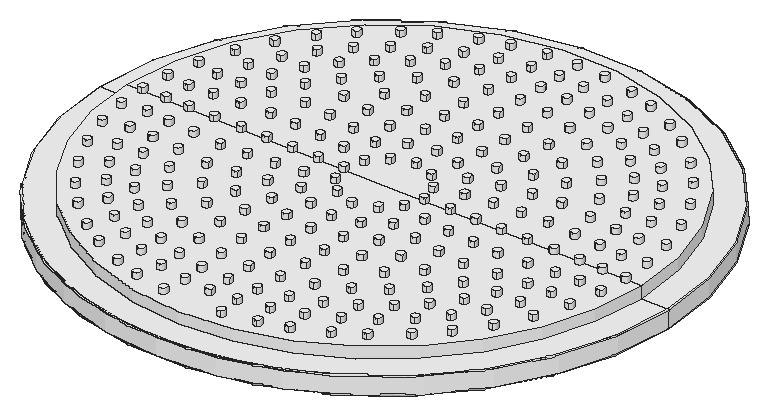
Revit family "Reece_Shower_GROHE_Rainshower_Overhead Shower_310 mm", category Plumbing Fixtures, host Face, Revit 2018
Family settings
  Host = Face
  Round Connector Dimension = Use Diameter
  Part Type = Normal
  Cut with Voids When Loaded = No
  Shared = Yes
  Room Calculation Point = Yes
Parameters (values of type "Chrome")
  WFU = 0  # constant formula
  URL = "https://www.reece.com.au/product/-9506719"
  Type Comments = "Shower"
  Reece_Shower_Inlet = 12 mm  # constant formula
  Reece_Product_Web Page = "https://www.reece.com.au/product/-9506719"
  Reece_Product_Type = "Shower"  # constant formula
  Reece_Product_Sub Brand = "Rainshower"  # constant formula
  Reece_Product_Number = "9506719"
  Reece_Product_Mount = "Ceiling Mounted"
  Reece_Product_Description = "GROHE Rainshower Cosmopolitan 1 Spray Overhead Shower 310mm Chrome (3 Star)"
  Reece_Product_Brand = "GROHE"  # constant formula
  Reece_Overall_Height = 51 mm  # constant formula
  Reece_Overall-Diameter = 310 mm  # constant formula
  Reece_Material_Main [instance] = Reece_Brass_Chrome
  Reece_Detail_Disclaimer = "THIS FILE IS THE PROPERTY OF THE REECE GROUP. IT MAY NOT BE REPRODUCED, REVERSE-ENGINEERED OR MODIFIED. ANY REPUBLICATION, TRANSMISSION OR DISTRIBUTION FOR THE PURPOSE OF COMMERCIALLY EXPLOITING THE FILES IS PROHIBITED."  # constant formula
  Reece_Detail_Additional = "Overhead Shower"  # constant formula
  Model = "Rainshower"
  Manufacturer = "GROHE"
  Keynote = "Product #9506719, Reece_Shower_GROHE_Rainshower_Overhead Shower_310 mm - Chrome"
  HWFU = 0  # constant formula
  Disclaimer = "THIS FILE IS THE PROPERTY OF THE REECE GROUP. IT MAY NOT BE REPRODUCED, REVERSE-ENGINEERED OR MODIFIED. ANY REPUBLICATION, TRANSMISSION OR DISTRIBUTION FOR THE PURPOSE OF COMMERCIALLY EXPLOITING THE FILES IS PROHIBITED."  # constant formula
  Description = "GROHE Rainshower Cosmopolitan 1 Spray Overhead Shower 310mm Chrome (3 Star)"
  Default Elevation = 0 mm
  CWFU = 0  # constant formula
Reference planes
  plane 1 "Center (Front/Back)": y = 0
  plane 2: z = 0
  plane 3 "Center (Left/Right)": x = 0
  plane 4: y = 155
  plane 5: y = -155
  plane 6: z = 51
  plane 7: z = 48.4
  plane 8: x = -155
  plane 9: x = 155
  plane 10: x = -140
  plane 11: x = 140
  plane 12: z = 42.4
  plane 13: z = 32.6
Forms (mm)
  Revolve 1, solid, material "Reece_Brass_Chrome" <- "Reece_Material_Main"
    sketch origin (0, 0, -187) x (1, 0, 0) y (0, 0, 1)
      loop
        line (140, 229.4) -> (140, 235.4) -> (0, 235.4) -> (0, 187) -> (7.5, 187) -> (7.5, 194.505) -> (9.5, 194.505) -> (9.5, 187) -> (13.3, 187) -> (13.3, 194.519)
        arc (13.3, 194.519) -> (13.132, 195.053) -> (12.689, 195.395) r 0.934
        arc (12.689, 195.395) -> (11.827, 196.061) -> (11.5, 197.1) r 1.817
        line (11.5, 197.1) -> (11.5, 198.1)
        arc (11.5, 198.1) -> (11.577, 198.622) -> (11.8, 199.1) r 1.817
        arc (11.8, 199.1) -> (12.496, 200.252) -> (13, 201.5) r 8.461
        line (13, 201.5) -> (19, 201.5)
        arc (19, 201.5) -> (20.835, 203.513) -> (21.5, 206.155) r 5.584
        line (21.5, 206.155) -> (21.5, 208.8) -> (18, 208.8) -> (18, 209.6) -> (21.3, 209.6) -> (23, 211.3) -> (23, 219.6) -> (154.5, 219.6)
        arc (154.5, 219.6) -> (154.854, 219.746) -> (155, 220.1) r 0.5
        line (155, 220.1) -> (155, 228.9)
        arc (155, 228.9) -> (154.854, 229.254) -> (154.5, 229.4) r 0.5
        line (154.5, 229.4) -> (140, 229.4)
      axis (0, 235.4) -> (0, 187)
    angle from 0 to 360
  Extrusion 2, solid, material "Reece_Brass_Chrome" <- "Reece_Material_Main", detail levels fine
    sketch origin (2.068, -0.55, -4) x (0.866025, -0.5, 0) y (0.5, 0.866025, 0)
      loop
        circle (9.236, 17.47) r 2
      loop
        circle (-1.292, 20.706) r 2
      loop
        circle (19.65, 27.744) r 2
      loop
        circle (7.167, 33.9) r 2
      loop
        circle (-6.723, 34.811) r 2
      loop
        circle (31.171, 36.357) r 2
      loop
        circle (18.138, 44.821) r 2
      loop
        circle (3.126, 48.844) r 2
      loop
        circle (-12.394, 48.03) r 2
      loop
        circle (42.957, 44.466) r 2
      loop
        circle (29.77, 54.585) r 2
      loop
        circle (14.413, 60.946) r 2
      loop
        circle (-2.066, 63.116) r 2
      loop
        circle (-18.546, 60.946) r 2
      loop
        circle (54.752, 52.149) r 2
      loop
        circle (41.607, 63.465) r 2
      loop
        circle (26.275, 71.575) r 2
      loop
        circle (9.522, 76.064) r 2
      loop
        circle (-7.81, 76.73) r 2
      loop
        circle (-24.854, 73.517) r 2
      loop
        circle (68.722, 58.841) r 2
      loop
        circle (57.332, 70.231) r 2
      loop
        circle (44.137, 79.47) r 2
      loop
        circle (29.539, 86.277) r 2
      loop
        circle (13.98, 90.446) r 2
      loop
        circle (-2.066, 91.85) r 2
      loop
        circle (-18.113, 90.446) r 2
      loop
        circle (-33.671, 86.277) r 2
      loop
        circle (81.577, 65.216) r 2
      loop
        circle (71.368, 76.448) r 2
      loop
        circle (59.468, 85.58) r 2
      loop
        circle (46.704, 94.015) r 2
      loop
        circle (32.752, 99.992) r 2
      loop
        circle (18.091, 103.92) r 2
      loop
        circle (3.02, 105.728) r 2
      loop
        circle (-12.154, 105.37) r 2
      loop
        circle (-27.123, 102.857) r 2
      loop
        circle (-41.583, 98.24) r 2
      loop
        circle (92.91, 70.693) r 2
      loop
        circle (82.525, 82.534) r 2
      loop
        circle (70.684, 92.919) r 2
      loop
        circle (57.588, 101.669) r 2
      loop
        circle (43.462, 108.635) r 2
      loop
        circle (28.548, 113.698) r 2
      loop
        circle (13.101, 116.771) r 2
      loop
        circle (-2.615, 117.801) r 2
      loop
        circle (-18.332, 116.771) r 2
      loop
        circle (-33.779, 113.698) r 2
      loop
        circle (-48.693, 108.635) r 2
      loop
        circle (-23.329, -1.331) r 2
      loop
        circle (-20.868, 9.404) r 2
      loop
        circle (-37.434, -5.214) r 2
      loop
        circle (-36.524, 8.675) r 2
      loop
        circle (-30.368, 21.159) r 2
      loop
        circle (-50.654, -10.885) r 2
      loop
        circle (-51.467, 4.635) r 2
      loop
        circle (-47.445, 19.646) r 2
      loop
        circle (-38.981, 32.68) r 2
      loop
        circle (-63.57, -17.037) r 2
      loop
        circle (-65.739, -0.557) r 2
      loop
        circle (-63.57, 15.922) r 2
      loop
        circle (-57.209, 31.279) r 2
      loop
        circle (-47.09, 44.466) r 2
      loop
        circle (-76.12, -23.41) r 2
      loop
        circle (-79.348, -6.368) r 2
      loop
        circle (-78.705, 10.965) r 2
      loop
        circle (-74.216, 27.718) r 2
      loop
        circle (-66.127, 43.06) r 2
      loop
        circle (-54.822, 56.215) r 2
      loop
        circle (-88.901, -32.162) r 2
      loop
        circle (-93.07, -16.604) r 2
      loop
        circle (-94.473, -0.557) r 2
      loop
        circle (-93.07, 15.489) r 2
      loop
        circle (-88.901, 31.048) r 2
      loop
        circle (-82.093, 45.646) r 2
      loop
        circle (-72.854, 58.841) r 2
      loop
        circle (-61.464, 70.231) r 2
      loop
        circle (-100.85, -40.108) r 2
      loop
        circle (-105.472, -25.65) r 2
      loop
        circle (-107.43, -10.779) r 2
      loop
        circle (-108.354, 4.492) r 2
      loop
        circle (-106.554, 19.564) r 2
      loop
        circle (-102.625, 34.225) r 2
      loop
        circle (-96.656, 48.18) r 2
      loop
        circle (-88.759, 61.143) r 2
      loop
        circle (-79.098, 72.85) r 2
      loop
        circle (-67.869, 83.063) r 2
      loop
        circle (-111.259, -47.184) r 2
      loop
        circle (-116.322, -32.27) r 2
      loop
        circle (-119.394, -16.823) r 2
      loop
        circle (-120.424, -1.106) r 2
      loop
        circle (-119.394, 14.61) r 2
      loop
        circle (-116.322, 30.057) r 2
      loop
        circle (-111.259, 44.971) r 2
      loop
        circle (-104.293, 59.097) r 2
      loop
        circle (-95.543, 72.193) r 2
      loop
        circle (-85.158, 84.034) r 2
      loop
        circle (-73.316, 94.419) r 2
      loop
        circle (19.197, 0.217) r 2
      loop
        circle (16.735, -10.518) r 2
      loop
        circle (33.302, 4.099) r 2
      loop
        circle (32.391, -9.79) r 2
      loop
        circle (26.235, -22.274) r 2
      loop
        circle (46.521, 9.77) r 2
      loop
        circle (47.335, -5.75) r 2
      loop
        circle (43.312, -20.761) r 2
      loop
        circle (34.848, -33.795) r 2
      loop
        circle (59.437, 15.922) r 2
      loop
        circle (61.607, -0.557) r 2
      loop
        circle (59.437, -17.037) r 2
      loop
        circle (53.076, -32.394) r 2
      loop
        circle (42.957, -45.581) r 2
      loop
        circle (71.988, 22.295) r 2
      loop
        circle (75.216, 5.253) r 2
      loop
        circle (74.572, -12.079) r 2
      loop
        circle (70.083, -28.833) r 2
      loop
        circle (61.994, -44.175) r 2
      loop
        circle (50.69, -57.329) r 2
      loop
        circle (84.768, 31.048) r 2
      loop
        circle (88.937, 15.489) r 2
      loop
        circle (90.341, -0.557) r 2
      loop
        circle (88.937, -16.604) r 2
      loop
        circle (84.768, -32.162) r 2
      loop
        circle (77.961, -46.761) r 2
      loop
        circle (68.722, -59.956) r 2
      loop
        circle (57.332, -71.345) r 2
      loop
        circle (96.717, 38.993) r 2
      loop
        circle (101.34, 24.536) r 2
      loop
        circle (103.298, 9.664) r 2
      loop
        circle (104.221, -5.607) r 2
      loop
        circle (102.421, -20.678) r 2
      loop
        circle (98.493, -35.34) r 2
      loop
        circle (92.523, -49.295) r 2
      loop
        circle (84.626, -62.258) r 2
      loop
        circle (74.965, -73.965) r 2
      loop
        circle (63.737, -84.178) r 2
      loop
        circle (107.126, 46.069) r 2
      loop
        circle (112.189, 31.155) r 2
      loop
        circle (115.262, 15.708) r 2
      loop
        circle (116.292, -0.008) r 2
      loop
        circle (115.262, -15.725) r 2
      loop
        circle (112.189, -31.172) r 2
      loop
        circle (107.126, -46.086) r 2
      loop
        circle (100.16, -60.212) r 2
      loop
        circle (91.41, -73.308) r 2
      loop
        circle (81.025, -85.149) r 2
      loop
        circle (69.184, -95.534) r 2
      loop
        circle (-13.368, -18.585) r 2
      loop
        circle (-2.84, -21.82) r 2
      loop
        circle (-23.783, -28.859) r 2
      loop
        circle (-11.299, -35.015) r 2
      loop
        circle (2.59, -35.925) r 2
      loop
        circle (-35.304, -37.472) r 2
      loop
        circle (-22.27, -45.936) r 2
      loop
        circle (-7.259, -49.958) r 2
      loop
        circle (8.261, -49.145) r 2
      loop
        circle (-47.09, -45.581) r 2
      loop
        circle (-33.903, -55.7) r 2
      loop
        circle (-18.546, -62.061) r 2
      loop
        circle (-2.066, -64.23) r 2
      loop
        circle (14.413, -62.061) r 2
      loop
        circle (-58.884, -53.264) r 2
      loop
        circle (-45.74, -64.58) r 2
      loop
        circle (-30.407, -72.689) r 2
      loop
        circle (-13.654, -77.178) r 2
      loop
        circle (3.677, -77.844) r 2
      loop
        circle (20.722, -74.631) r 2
      loop
        circle (-72.854, -59.956) r 2
      loop
        circle (-61.464, -71.345) r 2
      loop
        circle (-48.27, -80.584) r 2
      loop
        circle (-33.671, -87.392) r 2
      loop
        circle (-18.113, -91.561) r 2
      loop
        circle (-2.066, -92.964) r 2
      loop
        circle (13.98, -91.561) r 2
      loop
        circle (29.539, -87.392) r 2
      loop
        circle (-85.71, -66.331) r 2
      loop
        circle (-75.501, -77.563) r 2
      loop
        circle (-63.6, -86.695) r 2
      loop
        circle (-50.837, -95.13) r 2
      loop
        circle (-36.885, -101.107) r 2
      loop
        circle (-22.223, -105.035) r 2
      loop
        circle (-7.153, -106.843) r 2
      loop
        circle (8.021, -106.485) r 2
      loop
        circle (22.991, -103.972) r 2
      loop
        circle (37.45, -99.355) r 2
      loop
        circle (-97.043, -71.808) r 2
      loop
        circle (-86.658, -83.649) r 2
      loop
        circle (-74.816, -94.034) r 2
      loop
        circle (-61.721, -102.784) r 2
      loop
        circle (-47.595, -109.75) r 2
      loop
        circle (-32.681, -114.813) r 2
      loop
        circle (-17.234, -117.885) r 2
      loop
        circle (-1.517, -118.915) r 2
      loop
        circle (14.199, -117.885) r 2
      loop
        circle (29.646, -114.813) r 2
      loop
        circle (44.561, -109.75) r 2
      loop
        circle (16.979, 10.313) r 2
      loop
        circle (29.103, 17.313) r 2
      loop
        circle (41.227, 24.313) r 2
      loop
        circle (53.352, 31.313) r 2
      loop
        circle (65.476, 38.313) r 2
      loop
        circle (-21.003, -11.616) r 2
      loop
        circle (-33.127, -18.616) r 2
      loop
        circle (-45.252, -25.616) r 2
      loop
        circle (-57.376, -32.616) r 2
      loop
        circle (-69.5, -39.616) r 2
      loop
        circle (-82.11, -46.775) r 2
      loop
        circle (-94.226, -53.79) r 2
      loop
        circle (-105.043, -60.054) r 2
      loop
        circle (77.981, 45.654) r 2
      loop
        circle (90.114, 52.639) r 2
      loop
        circle (100.948, 58.874) r 2
      loop
        circle (-13.125, 18.379) r 2
      loop
        circle (-20.125, 30.504) r 2
      loop
        circle (-27.125, 42.628) r 2
      loop
        circle (-34.125, 54.752) r 2
      loop
        circle (-41.125, 66.877) r 2
      loop
        circle (-48.187, 79.542) r 2
      loop
        circle (-55.187, 91.667) r 2
      loop
        circle (-61.437, 102.492) r 2
      loop
        circle (8.804, -19.602) r 2
      loop
        circle (15.804, -31.727) r 2
      loop
        circle (22.804, -43.851) r 2
      loop
        circle (29.804, -55.975) r 2
      loop
        circle (36.804, -68.1) r 2
      loop
        circle (44.242, -80.549) r 2
      loop
        circle (51.242, -92.673) r 2
      loop
        circle (57.492, -103.498) r 2
      loop
        circle (-67.687, 113.317) r 2
      loop
        circle (-80.991, 104.649) r 2
      loop
        circle (-104.116, 82.409) r 2
      loop
        circle (-94.229, 93.27) r 2
      loop
        circle (-114.507, 67.668) r 2
      loop
        circle (-121.815, 53.829) r 2
      loop
        circle (-128.3, 36.15) r 2
      loop
        circle (-132.089, 19.23) r 2
      loop
        circle (-133.579, 0.833) r 2
      loop
        circle (-132.472, -17.642) r 2
      loop
        circle (-128.783, -35.776) r 2
      loop
        circle (-115.947, -66.35) r 2
      loop
        circle (-123.02, -52.207) r 2
      loop
        circle (-53.716, 120.397) r 2
      loop
        circle (-22.893, 129.303) r 2
      loop
        circle (-37.241, 126.172) r 2
      loop
        circle (-4.931, 130.932) r 2
      loop
        circle (10.708, 130.341) r 2
      loop
        circle (29.261, 127.118) r 2
      loop
        circle (45.808, 121.94) r 2
      loop
        circle (62.486, 114.031) r 2
      loop
        circle (77.932, 103.835) r 2
      loop
        circle (91.792, 91.573) r 2
      loop
        circle (111.852, 65.17) r 2
      loop
        circle (103.14, 78.367) r 2
      loop
        circle (76.858, -105.764) r 2
      loop
        circle (99.983, -83.524) r 2
      loop
        circle (90.097, -94.384) r 2
      loop
        circle (110.374, -68.782) r 2
      loop
        circle (117.682, -54.943) r 2
      loop
        circle (124.167, -37.265) r 2
      loop
        circle (127.957, -20.345) r 2
      loop
        circle (129.446, -1.947) r 2
      loop
        circle (128.339, 16.527) r 2
      loop
        circle (124.651, 34.661) r 2
      loop
        circle (118.888, 51.092) r 2
      loop
        circle (49.583, -121.511) r 2
      loop
        circle (18.76, -130.418) r 2
      loop
        circle (33.109, -127.286) r 2
      loop
        circle (0.798, -132.046) r 2
      loop
        circle (-14.841, -131.456) r 2
      loop
        circle (-33.393, -128.233) r 2
      loop
        circle (-49.941, -123.054) r 2
      loop
        circle (-66.619, -115.146) r 2
      loop
        circle (-82.065, -104.95) r 2
      loop
        circle (-95.925, -92.688) r 2
      loop
        circle (-107.273, -79.482) r 2
    from 52.4 to 55
  Extrusion 3, void
    sketch origin (1.726, 0, 0) x (1, 0, 0) y (0, 1, 0)
      loop
        line (-10, 33.161) -> (-10, 21.656) -> (6.585, 21.656) -> (6.585, 33.161) -> (-10, 33.161)
    from 22.952 to 30.345
  Extrusion 4, void
    sketch origin (1.726, 0, 0) x (1, 0, 0) y (0, 1, 0)
      loop
        line (-9.473, -33.161) -> (6.021, -33.161) -> (6.021, -21.656) -> (-9.473, -21.656) -> (-9.473, -33.161)
    from 22.952 to 30.345
  Extrusion 5, void
    sketch origin (-0.531, -3.836, -8.452) x (1, 0, 0) y (0, 1, 0)
      loop
        line (-11.373, 27.282) -> (-11.373, 22.05) -> (12.434, 22.05) -> (12.434, 27.282) -> (-11.373, 27.282)
    from 22.952 to 26.839
  Extrusion 6, void
    sketch origin (-0.531, 3.836, -8.452) x (1, 0, 0) y (0, 1, 0)
      loop
        line (-11.373, -27.282) -> (12.434, -27.282) -> (12.434, -22.05) -> (-11.373, -22.05) -> (-11.373, -27.282)
    from 22.952 to 26.839
  Extrusion 7, void
    sketch origin (0, 0, 0) x (1, 0, 0) y (0, 0, 1)
      loop
        line (-5.7, 5.771) -> (-5.7, 0) -> (5.7, 0) -> (5.7, 5.79)
        arc (5.7, 5.79) -> (5.478, 6.423) -> (4.908, 6.778) r 1.012
        arc (4.908, 6.778) -> (-0.036, 7.302) -> (-4.972, 6.695) r 21.881
        arc (-4.972, 6.695) -> (-5.496, 6.36) -> (-5.7, 5.771) r 0.951
    from 10.272 to 21.037
  Extrusion 8, void
    sketch origin (0, 0, 0) x (1, 0, 0) y (0, 0, -1)
      loop
        arc (-5.7, -5.771) -> (-5.496, -6.36) -> (-4.972, -6.695) r 0.951
        arc (-4.972, -6.695) -> (-0.036, -7.302) -> (4.908, -6.778) r 21.881
        arc (4.908, -6.778) -> (5.478, -6.423) -> (5.7, -5.79) r 1.012
        line (5.7, -5.79) -> (5.7, 0) -> (-5.7, 0) -> (-5.7, -5.771)
    from 10.272 to 21.037
Cuts and joins
  Extrusion 3, Extrusion 4, Extrusion 5, Extrusion 6, Extrusion 7, Extrusion 8 cuts Revolve 1
Text (mm)
  text "Reece Copyright © 2018, Reece Ltd." at (-684.407, -223.434, 0), in view "Ref. Level"
  text "Reece ©" at (-376.822, 575.02, -217.389), in view "Reece_Preview"
Dimensions and locks
  equal spacing: plane 4, plane 1 "Center (Front/Back)", plane 5
  "Reece_Overall-Diameter": plane 4 to plane 5
  "Reece_Overall_Height": plane 6 to level
  "Reece_Overall-Diameter": plane 9 to plane 8
  aligned and locked: host face to plane 2
  aligned and locked: level to host face
Automatic sketch dimensions
  host sketch curve to host sketch curve = 444.296 mm
  host sketch curve to host sketch curve = 436.293 mm
  Extrusion 2 sketch curve to Extrusion 2 sketch curve = 0 mm  (x352)
  plane 10 to Extrusion 2 sketch curve = 26.802 mm
  Extrusion 2 sketch curve to plane 1 "Center (Front/Back)" = 66.96 mm
  Extrusion 2 sketch curve to Extrusion 2 sketch curve = 1.107 mm
  Extrusion 2 sketch curve to Extrusion 2 sketch curve = 1.49 mm
  Extrusion 2 sketch curve to Extrusion 2 sketch curve = 3.689 mm
  Extrusion 2 sketch curve to Extrusion 2 sketch curve = 3.789 mm
  Extrusion 2 sketch curve to Extrusion 2 sketch curve = 5.763 mm
  Extrusion 2 sketch curve to Extrusion 2 sketch curve = 6.485 mm
  Extrusion 2 sketch curve to Extrusion 2 sketch curve = 13.155 mm  (x2)
  Extrusion 2 sketch curve to Extrusion 2 sketch curve = 13.078 mm  (x2)
  Extrusion 2 sketch curve to Extrusion 2 sketch curve = 12.695 mm  (x2)
  Extrusion 2 sketch curve to Extrusion 2 sketch curve = 11.978 mm  (x2)
  Extrusion 2 sketch curve to Extrusion 2 sketch curve = 12.462 mm  (x2)
  Extrusion 2 sketch curve to Extrusion 2 sketch curve = 7.073 mm
  Extrusion 2 sketch curve to Extrusion 2 sketch curve = 7.308 mm
  Extrusion 2 sketch curve to Extrusion 2 sketch curve = 11.761 mm  (x4)
  Extrusion 2 sketch curve to Extrusion 2 sketch curve = 10.556 mm  (x2)
  Extrusion 2 sketch curve to Extrusion 2 sketch curve = 12.071 mm  (x2)
  Extrusion 2 sketch curve to Extrusion 2 sketch curve = 11.964 mm  (x2)
  Extrusion 2 sketch curve to Extrusion 2 sketch curve = 8.674 mm
  Extrusion 2 sketch curve to Extrusion 2 sketch curve = 12.841 mm  (x2)
  Extrusion 2 sketch curve to Extrusion 2 sketch curve = 10.849 mm  (x2)
  Extrusion 2 sketch curve to Extrusion 2 sketch curve = 10.904 mm  (x2)
  Extrusion 2 sketch curve to Extrusion 2 sketch curve = 10.214 mm  (x2)
  Extrusion 2 sketch curve to Extrusion 2 sketch curve = 10.391 mm
  Extrusion 2 sketch curve to Extrusion 2 sketch curve = 8.634 mm  (x2)
  Extrusion 2 sketch curve to Extrusion 2 sketch curve = 10.409 mm  (x2)
  Extrusion 2 sketch curve to Extrusion 2 sketch curve = 10.23 mm  (x4)
  Extrusion 2 sketch curve to Extrusion 2 sketch curve = 7.637 mm  (x2)
  Extrusion 2 sketch curve to Extrusion 2 sketch curve = 11.348 mm
  Extrusion 2 sketch curve to Extrusion 2 sketch curve = 8.573 mm  (x2)
  Extrusion 2 sketch curve to Extrusion 2 sketch curve = 13.88 mm  (x2)
  Extrusion 2 sketch curve to Extrusion 2 sketch curve = 9.886 mm
  Extrusion 2 sketch curve to Extrusion 2 sketch curve = 10.817 mm
  Extrusion 2 sketch curve to Extrusion 2 sketch curve = 13.484 mm  (x2)
  Extrusion 2 sketch curve to Extrusion 2 sketch curve = 12.403 mm
  Extrusion 2 sketch curve to Extrusion 2 sketch curve = 11.949 mm  (x2)
  Extrusion 2 sketch curve to Extrusion 2 sketch curve = 13.725 mm  (x2)
  Extrusion 2 sketch curve to Extrusion 2 sketch curve = 6.784 mm  (x2)
  Extrusion 2 sketch curve to Extrusion 2 sketch curve = 9.267 mm  (x2)
  Extrusion 2 sketch curve to Extrusion 2 sketch curve = 11.333 mm  (x2)
  Extrusion 2 sketch curve to Extrusion 2 sketch curve = 9.071 mm  (x2)
  Extrusion 2 sketch curve to Extrusion 2 sketch curve = 12.116 mm
  Extrusion 2 sketch curve to Extrusion 2 sketch curve = 14.562 mm  (x2)
  Extrusion 2 sketch curve to Extrusion 2 sketch curve = 13.86 mm
  Extrusion 2 sketch curve to Extrusion 2 sketch curve = 13.238 mm
  Extrusion 2 sketch curve to Extrusion 2 sketch curve = 15.125 mm
  Extrusion 2 sketch curve to Extrusion 2 sketch curve = 6.06 mm  (x2)
  Extrusion 2 sketch curve to Extrusion 2 sketch curve = 14.365 mm  (x2)
  Extrusion 2 sketch curve to Extrusion 2 sketch curve = 12.78 mm  (x2)
  Extrusion 2 sketch curve to Extrusion 2 sketch curve = 11.157 mm  (x2)
  Extrusion 2 sketch curve to Extrusion 2 sketch curve = 7.248 mm  (x2)
  Extrusion 2 sketch curve to Extrusion 2 sketch curve = 14.685 mm  (x2)
  Extrusion 2 sketch curve to Extrusion 2 sketch curve = 7.675 mm  (x4)
  Extrusion 2 sketch curve to Extrusion 2 sketch curve = 12.856 mm  (x2)
  Extrusion 2 sketch curve to Extrusion 2 sketch curve = 6.243 mm
  Extrusion 2 sketch curve to Extrusion 2 sketch curve = 12.61 mm
  Extrusion 2 sketch curve to Extrusion 2 sketch curve = 5.447 mm  (x2)
  Extrusion 2 sketch curve to Extrusion 2 sketch curve = 13.304 mm  (x3)
  Extrusion 2 sketch curve to Extrusion 2 sketch curve = 15.446 mm
  Extrusion 2 sketch curve to Extrusion 2 sketch curve = 15.966 mm
  Extrusion 2 sketch curve to Extrusion 2 sketch curve = 13.609 mm  (x2)
  Extrusion 2 sketch curve to Extrusion 2 sketch curve = 11.216 mm  (x2)
  Extrusion 2 sketch curve to Extrusion 2 sketch curve = 12.551 mm  (x2)
  Extrusion 2 sketch curve to Extrusion 2 sketch curve = 10.646 mm  (x2)
  Extrusion 2 sketch curve to Extrusion 2 sketch curve = 4.898 mm  (x2)
  Extrusion 2 sketch curve to Extrusion 2 sketch curve = 6.405 mm  (x2)
  Extrusion 2 sketch curve to Extrusion 2 sketch curve = 14.036 mm
  Extrusion 2 sketch curve to Extrusion 2 sketch curve = 6.25 mm  (x3)
  Extrusion 2 sketch curve to Extrusion 2 sketch curve = 13.97 mm  (x2)
  Extrusion 2 sketch curve to Extrusion 2 sketch curve = 12.124 mm  (x16)
  Extrusion 2 sketch curve to Extrusion 2 sketch curve = 8.918 mm  (x2)
  Extrusion 2 sketch curve to Extrusion 2 sketch curve = 6.642 mm  (x2)
  Extrusion 2 sketch curve to Extrusion 2 sketch curve = 13.971 mm
  Extrusion 2 sketch curve to Extrusion 2 sketch curve = 14.272 mm  (x4)
  Extrusion 2 sketch curve to Extrusion 2 sketch curve = 10.884 mm  (x2)
  Extrusion 2 sketch curve to Extrusion 2 sketch curve = 12.916 mm  (x4)
  Extrusion 2 sketch curve to Extrusion 2 sketch curve = 16.678 mm
  Extrusion 2 sketch curve to Extrusion 2 sketch curve = 5.022 mm  (x4)
  Extrusion 2 sketch curve to Extrusion 2 sketch curve = 2.567 mm  (x2)
  Extrusion 2 sketch curve to Extrusion 2 sketch curve = 7 mm  (x14)
  Extrusion 2 sketch curve to Extrusion 2 sketch curve = 2.346 mm  (x2)
  Extrusion 2 sketch curve to Extrusion 2 sketch curve = 9.764 mm  (x4)
  Extrusion 2 sketch curve to Extrusion 2 sketch curve = 11.794 mm  (x2)
  Extrusion 2 sketch curve to Extrusion 2 sketch curve = 7.732 mm  (x2)
  Extrusion 2 sketch curve to Extrusion 2 sketch curve = 2.53 mm
  Extrusion 2 sketch curve to Extrusion 2 sketch curve = 7.111 mm  (x2)
  Extrusion 2 sketch curve to Extrusion 2 sketch curve = 7.062 mm
  Extrusion 2 sketch curve to Extrusion 2 sketch curve = 8.109 mm  (x4)
  Extrusion 2 sketch curve to Extrusion 2 sketch curve = 13.22 mm  (x4)
  Extrusion 2 sketch curve to Extrusion 2 sketch curve = 16.474 mm
  Extrusion 2 sketch curve to Extrusion 2 sketch curve = 10.71 mm  (x2)
  Extrusion 2 sketch curve to Extrusion 2 sketch curve = 0.91 mm  (x2)
  Extrusion 2 sketch curve to Extrusion 2 sketch curve = 11.786 mm  (x4)
  Extrusion 2 sketch curve to Extrusion 2 sketch curve = 11.837 mm  (x2)
  Extrusion 2 sketch curve to Extrusion 2 sketch curve = 3.462 mm  (x2)
  Extrusion 2 sketch curve to Extrusion 2 sketch curve = 3.213 mm  (x2)
  Extrusion 2 sketch curve to Extrusion 2 sketch curve = 7.911 mm  (x2)
  Extrusion 2 sketch curve to Extrusion 2 sketch curve = 16.548 mm
  Extrusion 2 sketch curve to Extrusion 2 sketch curve = 0.712 mm  (x2)
  Extrusion 2 sketch curve to Extrusion 2 sketch curve = 3.264 mm  (x2)
  Extrusion 2 sketch curve to Extrusion 2 sketch curve = 6.156 mm  (x4)
  Extrusion 2 sketch curve to Extrusion 2 sketch curve = 6.656 mm  (x2)
  Extrusion 2 sketch curve to Extrusion 2 sketch curve = 8.817 mm  (x2)
  Extrusion 2 sketch curve to Extrusion 2 sketch curve = 9.345 mm  (x2)
  Extrusion 2 sketch curve to Extrusion 2 sketch curve = 14.105 mm
  Extrusion 2 sketch curve to Extrusion 2 sketch curve = 14.348 mm
  Extrusion 2 sketch curve to Extrusion 2 sketch curve = 11.633 mm  (x4)
  Extrusion 2 sketch curve to Extrusion 2 sketch curve = 10.458 mm  (x2)
  Extrusion 2 sketch curve to Extrusion 2 sketch curve = 2.326 mm
  Extrusion 2 sketch curve to Extrusion 2 sketch curve = 2.462 mm
  Extrusion 2 sketch curve to Extrusion 2 sketch curve = 10.243 mm  (x2)
  Extrusion 2 sketch curve to Extrusion 2 sketch curve = 11.861 mm  (x2)
  Extrusion 2 sketch curve to Extrusion 2 sketch curve = 6.308 mm  (x2)
  Extrusion 2 sketch curve to Extrusion 2 sketch curve = 4.562 mm  (x2)
  Extrusion 2 sketch curve to Extrusion 2 sketch curve = 4.111 mm
  Extrusion 2 sketch curve to Extrusion 2 sketch curve = 9.011 mm
  Extrusion 2 sketch curve to Extrusion 2 sketch curve = 4.99 mm  (x2)
  Extrusion 2 sketch curve to Extrusion 2 sketch curve = 2.393 mm  (x2)
  Extrusion 2 sketch curve to Extrusion 2 sketch curve = 4.458 mm  (x2)
  Extrusion 2 sketch curve to Extrusion 2 sketch curve = 7.635 mm
  Extrusion 2 sketch curve to Extrusion 2 sketch curve = 7.743 mm  (x2)
  Extrusion 2 sketch curve to Extrusion 2 sketch curve = 6.152 mm  (x4)
  Extrusion 2 sketch curve to Extrusion 2 sketch curve = 6.178 mm  (x2)
  Extrusion 2 sketch curve to Extrusion 2 sketch curve = 12.484 mm  (x4)
  Extrusion 2 sketch curve to Extrusion 2 sketch curve = 10.303 mm
  Extrusion 2 sketch curve to Extrusion 2 sketch curve = 4.041 mm  (x2)
  Extrusion 2 sketch curve to Extrusion 2 sketch curve = 10.081 mm
  Extrusion 2 sketch curve to Extrusion 2 sketch curve = 13.402 mm
  Extrusion 2 sketch curve to Extrusion 2 sketch curve = 17.962 mm
  Extrusion 2 sketch curve to Extrusion 2 sketch curve = 10.528 mm  (x2)
  Extrusion 2 sketch curve to Extrusion 2 sketch curve = 2.315 mm  (x2)
  Extrusion 2 sketch curve to Extrusion 2 sketch curve = 5.087 mm
  Extrusion 2 sketch curve to Extrusion 2 sketch curve = 5.192 mm  (x4)
  Extrusion 2 sketch curve to Extrusion 2 sketch curve = 16.046 mm
  Extrusion 2 sketch curve to Extrusion 2 sketch curve = 5.743 mm  (x2)
  Extrusion 2 sketch curve to Extrusion 2 sketch curve = 5.636 mm  (x2)
  Extrusion 2 sketch curve to Extrusion 2 sketch curve = 11.832 mm
  Extrusion 2 sketch curve to Extrusion 2 sketch curve = 13.889 mm  (x4)
  Extrusion 2 sketch curve to Extrusion 2 sketch curve = 15.174 mm
  Extrusion 2 sketch curve to Extrusion 2 sketch curve = 5.671 mm  (x3)
  Extrusion 2 sketch curve to Extrusion 2 sketch curve = 11.645 mm
  Extrusion 2 sketch curve to Extrusion 2 sketch curve = 17.331 mm
  Extrusion 2 sketch curve to Extrusion 2 sketch curve = 15.639 mm
  Extrusion 2 sketch curve to Extrusion 2 sketch curve = 5.959 mm
  Extrusion 2 sketch curve to Extrusion 2 sketch curve = 4.892 mm
  Extrusion 2 sketch curve to Extrusion 2 sketch curve = 13.214 mm  (x2)
  Extrusion 2 sketch curve to Extrusion 2 sketch curve = 7.931 mm
  Extrusion 2 sketch curve to Extrusion 2 sketch curve = 10.971 mm  (x3)
  Extrusion 2 sketch curve to Extrusion 2 sketch curve = 2.218 mm
  Extrusion 2 sketch curve to Extrusion 2 sketch curve = 14.969 mm
  Extrusion 2 sketch curve to Extrusion 2 sketch curve = 10.431 mm  (x2)
  Extrusion 2 sketch curve to Extrusion 2 sketch curve = 11.521 mm  (x3)
  Extrusion 2 sketch curve to Extrusion 2 sketch curve = 4.199 mm  (x2)
  Extrusion 2 sketch curve to Extrusion 2 sketch curve = 8.613 mm  (x3)
  Extrusion 2 sketch curve to Extrusion 2 sketch curve = 10.921 mm  (x3)
  Extrusion 2 sketch curve to Extrusion 2 sketch curve = 14.598 mm  (x3)
  Extrusion 2 sketch curve to Extrusion 2 sketch curve = 7.438 mm
  Extrusion 2 sketch curve to Extrusion 2 sketch curve = 14.943 mm  (x3)
  Extrusion 2 sketch curve to Extrusion 2 sketch curve = 13.195 mm  (x3)
  Extrusion 2 sketch curve to Extrusion 2 sketch curve = 12.103 mm
  Extrusion 2 sketch curve to Extrusion 2 sketch curve = 12.763 mm
  Extrusion 2 sketch curve to Extrusion 2 sketch curve = 11.39 mm  (x3)
  Extrusion 2 sketch curve to Extrusion 2 sketch curve = 11.9 mm
  Extrusion 2 sketch curve to Extrusion 2 sketch curve = 15.135 mm
  Extrusion 2 sketch curve to Extrusion 2 sketch curve = 11.228 mm
  Extrusion 2 sketch curve to Extrusion 2 sketch curve = 9.239 mm  (x3)
  Extrusion 2 sketch curve to Extrusion 2 sketch curve = 12.505 mm
  Extrusion 2 sketch curve to Extrusion 2 sketch curve = 9.661 mm
  Extrusion 2 sketch curve to Extrusion 2 sketch curve = 4.169 mm  (x3)
  Extrusion 2 sketch curve to Extrusion 2 sketch curve = 12.133 mm
  Extrusion 2 sketch curve to Extrusion 2 sketch curve = 1.404 mm  (x3)
  Extrusion 2 sketch curve to Extrusion 2 sketch curve = 10.834 mm
  Extrusion 2 sketch curve to Extrusion 2 sketch curve = 4.622 mm
  Extrusion 2 sketch curve to Extrusion 2 sketch curve = 1.958 mm
  Extrusion 2 sketch curve to Extrusion 2 sketch curve = 13.696 mm
  Extrusion 2 sketch curve to Extrusion 2 sketch curve = 0.616 mm
  Extrusion 2 sketch curve to Extrusion 2 sketch curve = 0.225 mm
  Extrusion 2 sketch curve to Extrusion 2 sketch curve = 0.549 mm
  Extrusion 2 sketch curve to Extrusion 2 sketch curve = 1.39 mm
  Extrusion 2 sketch curve to Extrusion 2 sketch curve = 1.939 mm  (x2)
  Extrusion 2 sketch curve to Extrusion 2 sketch curve = 0.774 mm
  Extrusion 2 sketch curve to Extrusion 2 sketch curve = 3.882 mm
  Extrusion 2 sketch curve to Extrusion 2 sketch curve = 5.599 mm  (x2)
  Extrusion 2 sketch curve to Extrusion 2 sketch curve = 5.811 mm  (x2)
  Extrusion 2 sketch curve to Extrusion 2 sketch curve = 10.735 mm  (x2)
  Extrusion 2 sketch curve to Extrusion 2 sketch curve = 9.672 mm
  Extrusion 2 sketch curve to Extrusion 2 sketch curve = 10.284 mm
  Extrusion 2 sketch curve to Extrusion 2 sketch curve = 11.522 mm
  Extrusion 2 sketch curve to Extrusion 2 sketch curve = 10.118 mm  (x2)
  Extrusion 2 sketch curve to Extrusion 2 sketch curve = 5.825 mm  (x2)
  Extrusion 2 sketch curve to Extrusion 2 sketch curve = 4.524 mm  (x2)
  Extrusion 2 sketch curve to Extrusion 2 sketch curve = 6.044 mm  (x2)
  Extrusion 2 sketch curve to Extrusion 2 sketch curve = 4.958 mm  (x2)
  Extrusion 2 sketch curve to Extrusion 2 sketch curve = 0.819 mm  (x2)
  Extrusion 2 sketch curve to Extrusion 2 sketch curve = 6.969 mm
  Extrusion 2 sketch curve to Extrusion 2 sketch curve = 9.084 mm
  Extrusion 2 sketch curve to Extrusion 2 sketch curve = 4.621 mm  (x2)
  Extrusion 2 sketch curve to Extrusion 2 sketch curve = 4.954 mm  (x2)
  Extrusion 2 sketch curve to Extrusion 2 sketch curve = 3.236 mm  (x2)
  Extrusion 2 sketch curve to Extrusion 2 sketch curve = 6.373 mm  (x2)
  Extrusion 2 sketch curve to Extrusion 2 sketch curve = 14.872 mm  (x2)
  Extrusion 2 sketch curve to Extrusion 2 sketch curve = 11.795 mm  (x2)
  Extrusion 2 sketch curve to Extrusion 2 sketch curve = 10.494 mm  (x2)
  Extrusion 2 sketch curve to Extrusion 2 sketch curve = 8.752 mm  (x2)
  Extrusion 2 sketch curve to Extrusion 2 sketch curve = 3.33 mm  (x2)
  Extrusion 2 sketch curve to Extrusion 2 sketch curve = 6.62 mm  (x2)
  Extrusion 2 sketch curve to Extrusion 2 sketch curve = 3.177 mm  (x2)
  Extrusion 2 sketch curve to Extrusion 2 sketch curve = 3.506 mm  (x2)
  Extrusion 2 sketch curve to Extrusion 2 sketch curve = 6.093 mm  (x2)
  Extrusion 2 sketch curve to Extrusion 2 sketch curve = 7.946 mm  (x2)
  Extrusion 2 sketch curve to Extrusion 2 sketch curve = 11.781 mm  (x2)
  Extrusion 2 sketch curve to Extrusion 2 sketch curve = 10.746 mm  (x2)
  Extrusion 2 sketch curve to Extrusion 2 sketch curve = 7.159 mm
  Extrusion 2 sketch curve to Extrusion 2 sketch curve = 7.076 mm  (x2)
  Extrusion 2 sketch curve to Extrusion 2 sketch curve = 2.534 mm  (x2)
  Extrusion 2 sketch curve to Extrusion 2 sketch curve = 7.683 mm  (x2)
  Extrusion 2 sketch curve to Extrusion 2 sketch curve = 7.015 mm
  Extrusion 2 sketch curve to Extrusion 2 sketch curve = 8.857 mm  (x2)
  Extrusion 2 sketch curve to Extrusion 2 sketch curve = 11.748 mm  (x2)
  Extrusion 2 sketch curve to Extrusion 2 sketch curve = 6.692 mm  (x2)
  Extrusion 2 sketch curve to Extrusion 2 sketch curve = 6.265 mm
  Extrusion 2 sketch curve to Extrusion 2 sketch curve = 10.917 mm  (x2)
  Extrusion 2 sketch curve to Extrusion 2 sketch curve = 16.125 mm  (x2)
  Extrusion 2 sketch curve to Extrusion 2 sketch curve = 12.963 mm  (x2)
  Extrusion 2 sketch curve to Extrusion 2 sketch curve = 8.88 mm  (x2)
  Extrusion 2 sketch curve to Extrusion 2 sketch curve = 6.376 mm  (x2)
  Extrusion 2 sketch curve to Extrusion 2 sketch curve = 6.296 mm  (x2)
  Extrusion 2 sketch curve to Extrusion 2 sketch curve = 8.571 mm  (x2)
  Extrusion 2 sketch curve to Extrusion 2 sketch curve = 14.016 mm  (x2)
  Extrusion 2 sketch curve to Extrusion 2 sketch curve = 5.476 mm  (x2)
  Extrusion 2 sketch curve to Extrusion 2 sketch curve = 10.629 mm  (x2)
  Extrusion 2 sketch curve to Extrusion 2 sketch curve = 11.05 mm  (x2)
  Extrusion 2 sketch curve to Extrusion 2 sketch curve = 11.707 mm  (x2)
  Extrusion 2 sketch curve to Extrusion 2 sketch curve = 12.571 mm  (x2)
  Extrusion 2 sketch curve to Extrusion 2 sketch curve = 15.118 mm  (x2)
  Extrusion 2 sketch curve to Extrusion 2 sketch curve = 11.232 mm  (x2)
  Extrusion 2 sketch curve to Extrusion 2 sketch curve = 13.614 mm  (x2)
  Extrusion 2 sketch curve to Extrusion 2 sketch curve = 12.449 mm
  Extrusion 2 sketch curve to Extrusion 2 sketch curve = 10.217 mm  (x2)
  Extrusion 2 sketch curve to Extrusion 2 sketch curve = 6.086 mm  (x2)
  Extrusion 2 sketch curve to Extrusion 2 sketch curve = 12.833 mm  (x2)
  Extrusion 2 sketch curve to Extrusion 2 sketch curve = 11.184 mm  (x2)
  Extrusion 2 sketch curve to Extrusion 2 sketch curve = 9.131 mm  (x2)
  Extrusion 2 sketch curve to Extrusion 2 sketch curve = 14.702 mm  (x2)
  Extrusion 2 sketch curve to Extrusion 2 sketch curve = 6.843 mm
  Extrusion 2 sketch curve to Extrusion 2 sketch curve = 14.382 mm  (x2)
  Extrusion 2 sketch curve to Extrusion 2 sketch curve = 9.039 mm  (x2)
  Extrusion 2 sketch curve to Extrusion 2 sketch curve = 7.339 mm  (x2)
  Extrusion 2 sketch curve to Extrusion 2 sketch curve = 9.235 mm  (x2)
  Extrusion 2 sketch curve to Extrusion 2 sketch curve = 14.545 mm  (x2)
  Extrusion 2 sketch curve to Extrusion 2 sketch curve = 11.356 mm  (x2)
  Extrusion 2 sketch curve to Extrusion 2 sketch curve = 6.682 mm
  Extrusion 2 sketch curve to Extrusion 2 sketch curve = 13.715 mm  (x2)
  Extrusion 2 sketch curve to Extrusion 2 sketch curve = 7.654 mm  (x2)
  Extrusion 2 sketch curve to Extrusion 2 sketch curve = 10.825 mm  (x3)
  Extrusion 2 sketch curve to Extrusion 2 sketch curve = 4.617 mm  (x2)
  Extrusion 2 sketch curve to Extrusion 2 sketch curve = 10.916 mm  (x2)
  Extrusion 2 sketch curve to Extrusion 2 sketch curve = 13.475 mm  (x2)
  Extrusion 2 sketch curve to Extrusion 2 sketch curve = 2.513 mm  (x2)
  Extrusion 2 sketch curve to Extrusion 2 sketch curve = 13.878 mm  (x2)
  Extrusion 2 sketch curve to Extrusion 2 sketch curve = 8.643 mm  (x2)
  Extrusion 2 sketch curve to Extrusion 2 sketch curve = 6.252 mm
  Extrusion 2 sketch curve to Extrusion 2 sketch curve = 9.778 mm  (x2)
  Extrusion 2 sketch curve to Extrusion 2 sketch curve = 10.84 mm  (x2)
  Extrusion 2 sketch curve to Extrusion 2 sketch curve = 12.362 mm  (x2)
  Extrusion 2 sketch curve to Extrusion 2 sketch curve = 12.85 mm  (x2)
  Extrusion 2 sketch curve to Extrusion 2 sketch curve = 11.4 mm  (x2)
  Extrusion 2 sketch curve to Extrusion 2 sketch curve = 12.073 mm  (x2)
  Extrusion 2 sketch curve to Extrusion 2 sketch curve = 12.474 mm  (x2)
  Extrusion 2 sketch curve to Extrusion 2 sketch curve = 13.42 mm  (x2)
  Extrusion 2 sketch curve to Extrusion 2 sketch curve = 12.533 mm  (x2)
  Extrusion 2 sketch curve to Extrusion 2 sketch curve = 13.57 mm  (x2)
  Extrusion 2 sketch curve to Extrusion 2 sketch curve = 13.131 mm  (x2)
  Extrusion 2 sketch curve to Extrusion 2 sketch curve = 15.271 mm
  Extrusion 2 sketch curve to Extrusion 2 sketch curve = 10.096 mm
  Extrusion 2 sketch curve to Extrusion 2 sketch curve = 17.333 mm
  Extrusion 2 sketch curve to Extrusion 2 sketch curve = 7.157 mm
  Extrusion 2 sketch curve to Extrusion 2 sketch curve = 8.975 mm
  Extrusion 2 sketch curve to Extrusion 2 sketch curve = 7.341 mm
  Extrusion 2 sketch curve to Extrusion 2 sketch curve = 6.985 mm
  Extrusion 2 sketch curve to Extrusion 2 sketch curve = 6.235 mm
  Extrusion 2 sketch curve to Extrusion 2 sketch curve = 12.666 mm
  Extrusion 2 sketch curve to Extrusion 2 sketch curve = 12.76 mm
  Extrusion 2 sketch curve to Extrusion 2 sketch curve = 11.963 mm
  Extrusion 2 sketch curve to Extrusion 2 sketch curve = 10.395 mm
  Extrusion 2 sketch curve to Extrusion 2 sketch curve = 1.733 mm  (x168)
  Extrusion 2 sketch curve to Extrusion 2 sketch curve = 0.002 mm  (x168)
  Extrusion 2 sketch curve to Extrusion 2 sketch curve = 1 mm  (x8)
  Extrusion 2 sketch curve to Extrusion 2 sketch curve = 2 mm  (x87)
  Extrusion 2 sketch curve to Extrusion 2 sketch curve = 0.998 mm  (x84)
  Extrusion 2 sketch curve to Extrusion 2 sketch curve = 1.732 mm  (x4)
  Extrusion 3 sketch curve to plane 3 "Center (Left/Right)" = 8.274 mm
  plane 3 "Center (Left/Right)" to Extrusion 3 sketch curve = 8.311 mm
  Extrusion 3 sketch curve to plane 1 "Center (Front/Back)" = 21.656 mm
  Extrusion 3 sketch curve to Extrusion 3 sketch curve = 11.505 mm
  Extrusion 4 sketch curve to plane 3 "Center (Left/Right)" = 7.747 mm
  plane 3 "Center (Left/Right)" to Extrusion 4 sketch curve = 7.747 mm
  plane 1 "Center (Front/Back)" to Extrusion 4 sketch curve = 33.161 mm
  Extrusion 4 sketch curve to Extrusion 4 sketch curve = 11.505 mm
  Extrusion 5 sketch curve to plane 3 "Center (Left/Right)" = 11.904 mm
  plane 3 "Center (Left/Right)" to Extrusion 5 sketch curve = 11.904 mm
  Extrusion 5 sketch curve to plane 1 "Center (Front/Back)" = 18.215 mm
  Extrusion 5 sketch curve to Extrusion 5 sketch curve = 5.231 mm
  Extrusion 6 sketch curve to plane 3 "Center (Left/Right)" = 11.904 mm
  plane 3 "Center (Left/Right)" to Extrusion 6 sketch curve = 11.904 mm
  plane 1 "Center (Front/Back)" to Extrusion 6 sketch curve = 23.446 mm
  Extrusion 6 sketch curve to Extrusion 6 sketch curve = 5.231 mm
  Extrusion 7 sketch curve to level = 0 mm
  Extrusion 7 sketch curve to plane 3 "Center (Left/Right)" = 5.7 mm
  Extrusion 7 sketch curve to Extrusion 7 sketch curve = 0.951 mm
  plane 3 "Center (Left/Right)" to Extrusion 7 sketch curve = 0.146 mm
  plane 3 "Center (Left/Right)" to Extrusion 7 sketch curve = 4.688 mm
  plane 3 "Center (Left/Right)" to Extrusion 7 sketch curve = 5.7 mm
  Extrusion 7 sketch curve to level = 14.578 mm
  Extrusion 7 sketch curve to Extrusion 7 sketch curve = 5.771 mm
  Extrusion 7 sketch curve to Extrusion 7 sketch curve = 5.79 mm
  Extrusion 7 sketch curve to Extrusion 7 sketch curve = 0 mm
  Extrusion 8 sketch curve to level = 0 mm
  Extrusion 8 sketch curve to plane 3 "Center (Left/Right)" = 5.7 mm
  Extrusion 8 sketch curve to Extrusion 8 sketch curve = 0.951 mm
  plane 3 "Center (Left/Right)" to Extrusion 8 sketch curve = 0.146 mm
  plane 3 "Center (Left/Right)" to Extrusion 8 sketch curve = 4.688 mm
  plane 3 "Center (Left/Right)" to Extrusion 8 sketch curve = 5.7 mm
  Extrusion 8 sketch curve to Extrusion 8 sketch curve = 5.771 mm
  level to Extrusion 8 sketch curve = 5.79 mm
  Extrusion 8 sketch curve to level = 14.578 mm
  Extrusion 8 sketch curve to Extrusion 8 sketch curve = 0 mm
  Revolve 1 sketch curve to plane 3 "Center (Left/Right)" = 0 mm  (x2)
  Revolve 1 sketch curve to level = 0 mm  (x2)
  Revolve 1 sketch curve to plane 13 = 0 mm
  Revolve 1 sketch curve to plane 11 = 0 mm
  Revolve 1 sketch curve to plane 12 = 0 mm
  Revolve 1 sketch curve to plane 9 = 0 mm
  Revolve 1 sketch curve to plane 7 = 0 mm
  plane 3 "Center (Left/Right)" to Revolve 1 sketch curve = 4.928 mm
  plane 3 "Center (Left/Right)" to Revolve 1 sketch curve = 7.5 mm
  Revolve 1 sketch curve to Revolve 1 sketch curve = 4 mm
  Revolve 1 sketch curve to Revolve 1 sketch curve = 0.866 mm
  Revolve 1 sketch curve to Revolve 1 sketch curve = 1.5 mm
  Revolve 1 sketch curve to Revolve 1 sketch curve = 5.8 mm
  Revolve 1 sketch curve to Revolve 1 sketch curve = 1.817 mm
  Revolve 1 sketch curve to Revolve 1 sketch curve = 0 mm
  Revolve 1 sketch curve to Revolve 1 sketch curve = 2.916 mm
  Revolve 1 sketch curve to Revolve 1 sketch curve = 2.084 mm
  Revolve 1 sketch curve to Revolve 1 sketch curve = 3.084 mm
  Revolve 1 sketch curve to Revolve 1 sketch curve = 3.3 mm
  Revolve 1 sketch curve to Revolve 1 sketch curve = 0.2 mm
  Revolve 1 sketch curve to plane 13 = 8.3 mm
  Revolve 1 sketch curve to Revolve 1 sketch curve = 1.7 mm
  Revolve 1 sketch curve to plane 9 = 0.5 mm
  Revolve 1 sketch curve to Revolve 1 sketch curve = 0.5 mm
  Revolve 1 sketch curve to Revolve 1 sketch curve = 7.505 mm
  Revolve 1 sketch curve to Revolve 1 sketch curve = 0.014 mm
  Revolve 1 sketch curve to Revolve 1 sketch curve = 2.581 mm
  Revolve 1 sketch curve to Revolve 1 sketch curve = 1 mm
  Revolve 1 sketch curve to Revolve 1 sketch curve = 3.4 mm
  Revolve 1 sketch curve to Revolve 1 sketch curve = 2.536 mm
  Revolve 1 sketch curve to Revolve 1 sketch curve = 2.645 mm
  Revolve 1 sketch curve to Revolve 1 sketch curve = 0.8 mm
  Revolve 1 sketch curve to Revolve 1 sketch curve = 2 mm
  Revolve 1 sketch curve to level = 796.6 mm
  plane 6 to Revolve 1 sketch curve = 122.4 mm
  radius of Extrusion 2 sketch curve = 2 mm  (x100)
Connectors
  piping at (0, 0, 0), diameter 12, driven by "Reece_Shower_Inlet"
    settings: on cut or joined group of Revolve 1, Extrusion 3, Extrusion 4, Extrusion 5, Extrusion 6, Extrusion 7, Extrusion 8, index 1, connector inside diameter 609.6 mm, connector length 0 mm, flow factor 0, pipe flow 0.0 L/s, pressure drop 0.0 Pa, fitting loss kfactor 0, connector angle 0.00°, fixture units 0, engagement length 0 mm, angle of deflection 0.00°, flow configuration 0, flow direction 1, fitting loss method 0, system type 29, joint type 0, gender type 0, connector reference index -1, connector utility 0, adjustable connector no, is connector primary yes, connector description ""
